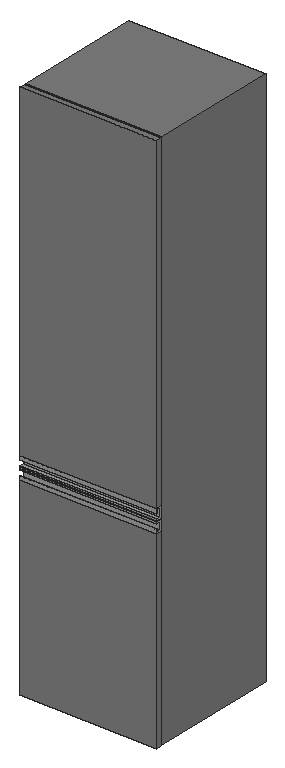
Revit family "Life Cabinet_", category Casework, Revit 2012
Parameters (values of type "2000-4001")
  URL = "www.korpinen.com"
  Top Height [instance] = 1760 mm
  Model = "2000-4001 Life Cabinet"
  Manufacturer = "Korpinen Oy"
  Depth = 0 mm
  Height = 0 mm
  Width = 0 mm
  Cabinet Type = Life - Cabinet : 2000-4001
Types (3, lengths in mm): name | Model | Cabinet Type
  (no name) | "2000-4001 Life Cabinet" | Life - Cabinet : 2000-4001
  2000-4001 | "2000-4001 Life Cabinet" | Life - Cabinet : 2000-4001
  2000-4002 | "2000-4002 Life Cabinet" | Life - Cabinet : 2000-4002
Reference planes
  plane 1 "Back": y = 0
  plane 2: z = 0
  plane 3 "Center (Left/Right)": x = 44.7
Dimensions and locks
  aligned and locked: level to plane 2
Nested families
  nested 1: "Life - Cabinet" at (0, 0, 0), Top Height from Floor <- "Top Height", type <- "Cabinet Type", type "2000-4001"
Definition of nested family "Life - Cabinet"
  Parameters (values of type "2000-4002")
    v = not(o)  # yes
    o = no
    Material = Glossy Grey
    Top Height from Floor [instance] = 1760 mm
    Handle Material = Anodized Aluminum
    Depth = 400 mm
    Height = 1600 mm
    Width = 400 mm
  Types (2, lengths in mm): name | v | o
    2000-4001 | no | yes
    2000-4002 | yes | no
  Reference planes
    plane 1 "Back": y = 0
    plane 2: z = 0
    plane 3 "Center (Left/Right)": x = 44.7
    plane 4 "Front": y = -400
    plane 5 "Left": x = -155.3
    plane 6 "Right": x = 244.7
    plane 7: z = 160
    plane 8: x = 246.7
    plane 9: x = -157.3
    plane 10: z = 1760
    plane 11: z = 0
  Forms (mm)
    Extrusion 1, solid, material "Glossy Grey" <- "Material"
      sketch origin (0, -400, 0) x (1, 0, 0) y (0, 0, 1)
        loop
          line (-155.3, 1760) -> (-155.3, 160) -> (244.7, 160) -> (244.7, 1760) -> (-155.3, 1760)
        loop
          line (228.7, 1744) -> (-139.3, 1744) -> (-139.3, 760) -> (228.7, 760) -> (228.7, 1744)
        loop
          line (228.7, 176) -> (228.7, 744) -> (-139.3, 744) -> (-139.3, 176) -> (228.7, 176)
      from -20 to -400
    Extrusion 2, solid, material "Glossy Grey" <- "Material"
      sketch origin (44.7, 0, 0) x (0, 1, 0) y (0, 0, 1)
        loop
          line (-384, 160) -> (-384, 725) -> (-400, 725) -> (-400, 160) -> (-384, 160)
      from -200 to 200
    Extrusion 3, solid, material "Glossy Grey" <- "Material"
      sketch origin (44.7, 0, 300) x (0, 1, 0) y (0, 0, 1)
        loop
          line (-384, 490) -> (-384, 1460) -> (-400, 1460) -> (-400, 490) -> (-384, 490)
      from -200 to 200
    Extrusion 4, solid, material "Anodized Aluminum" <- "Handle Material"
      sketch origin (44.7, 0, -850) x (0, 1, 0) y (0, 0, 1)
        loop
          line (-384, 1575) -> (-384, 1605) -> (-400, 1605) -> (-400, 1602) -> (-386.968, 1602) -> (-386.968, 1579) -> (-398, 1579) -> (-398, 1587) -> (-400, 1587) -> (-400, 1575) -> (-384, 1575)
      from -200 to 200
    Extrusion 5, solid, material "Anodized Aluminum" <- "Handle Material"
      sketch origin (44.7, 0, 2165) x (0, 1, 0) y (0, 0, 1)
        loop
          line (-384, -1375) -> (-400, -1375) -> (-400, -1387) -> (-398, -1387) -> (-398, -1379) -> (-386.968, -1379) -> (-386.968, -1402) -> (-400, -1402) -> (-400, -1405) -> (-384, -1405) -> (-384, -1375)
      from -200 to 200
  Lines and regions (mm)
    model lines, style "InvisibleLines"
      curve 1: line (-155.3, 0, 0) -> (244.7, 0, 0)
    symbolic lines, style "CaseworkHiddenLines", visible <- "o", detail levels fine
      curve 2: line (244.7, -400, 0) -> (-98.167, -606.015, 0)
      curve 3: arc (-155.3, -400, 0) -> (-140.752, -506.895, 0) -> (-98.167, -606.015, 0) r 400
    symbolic lines, style "CaseworkHiddenLines", visible <- "v", detail levels fine
      curve 4: line (-155.3, -400, 0) -> (187.567, -606.015, 0)
      curve 5: arc (244.7, -400, 0) -> (230.153, -506.895, 0) -> (187.567, -606.015, 0) r 400
  Dimensions and locks
    "Width": plane 6 "Right" to plane 5 "Left"
    equal spacing: plane 6 "Right", plane 3 "Center (Left/Right)", plane 5 "Left"
    "Depth": plane 4 "Front" to plane 1 "Back"
    locked: plane 4 "Front" to Extrusion 1 at 20
    locked: plane 8 to plane 6 "Right" at 2
    locked: plane 5 "Left" to plane 9 at 2
    "Top Height from Floor": plane 10 to level
    "Height": plane 7 to plane 10
    aligned and locked: level to plane 2
    aligned and locked: Extrusion 1 to plane 1 "Back"
    aligned and locked: Extrusion 4 to plane 5 "Left"
    aligned and locked: plane 6 "Right" to Extrusion 4
    aligned and locked: Extrusion 3 to plane 5 "Left"
    aligned and locked: plane 6 "Right" to Extrusion 3
    aligned and locked: plane 6 "Right" to Extrusion 2
    aligned and locked: Extrusion 2 to plane 5 "Left"
    aligned and locked: plane 11 to level
    aligned and locked: Extrusion 3 to Extrusion 5
  Automatic sketch dimensions
    curve 1 to level = 0 mm
    curve 1 to plane 5 "Left" = 0 mm
    curve 1 to plane 6 "Right" = 0 mm
    plane 4 "Front" to curve 3 = 0 mm
    curve 3 to plane 5 "Left" = 0 mm
    plane 4 "Front" to curve 5 = 0 mm
    curve 5 to plane 5 "Left" = 0 mm
    curve 5 to plane 6 "Right" = 0 mm
    curve 3 to plane 6 "Right" = 0 mm
    plane 5 "Left" to curve 3 = 57.133 mm
    curve 5 to plane 6 "Right" = 57.133 mm
    Extrusion 1 sketch curve to plane 5 "Left" = 0 mm
    Extrusion 1 sketch curve to plane 6 "Right" = 0 mm
    Extrusion 1 sketch curve to plane 7 = 0 mm
    Extrusion 1 sketch curve to plane 10 = 0 mm
    plane 5 "Left" to Extrusion 1 sketch curve = 16 mm  (x2)
    Extrusion 1 sketch curve to plane 6 "Right" = 16 mm  (x2)
    plane 7 to Extrusion 1 sketch curve = 16 mm
    Extrusion 1 sketch curve to Extrusion 1 sketch curve = 568 mm
    Extrusion 1 sketch curve to Extrusion 1 sketch curve = 16 mm
    plane 10 to Extrusion 1 sketch curve = 16 mm
    Extrusion 2 sketch curve to plane 4 "Front" = 0 mm
    Extrusion 2 sketch curve to plane 7 = 0 mm
    Extrusion 2 sketch curve to Extrusion 2 sketch curve = 16 mm
    plane 7 to Extrusion 2 sketch curve = 565 mm
    Extrusion 3 sketch curve to plane 4 "Front" = 0 mm
    plane 10 to Extrusion 3 sketch curve = 0 mm
    Extrusion 3 sketch curve to Extrusion 3 sketch curve = 16 mm
    plane 7 to Extrusion 3 sketch curve = 630 mm
    Extrusion 4 sketch curve to plane 4 "Front" = 0 mm  (x2)
    Extrusion 4 sketch curve to plane 4 "Front" = 2 mm
    Extrusion 4 sketch curve to Extrusion 4 sketch curve = 13.032 mm
    Extrusion 4 sketch curve to Extrusion 4 sketch curve = 2.968 mm
    plane 7 to Extrusion 4 sketch curve = 565 mm
    Extrusion 4 sketch curve to Extrusion 4 sketch curve = 4 mm
    Extrusion 4 sketch curve to Extrusion 4 sketch curve = 8 mm
    Extrusion 4 sketch curve to Extrusion 4 sketch curve = 15 mm
    Extrusion 4 sketch curve to Extrusion 4 sketch curve = 3 mm
    Extrusion 5 sketch curve to plane 4 "Front" = 0 mm  (x2)
    plane 4 "Front" to Extrusion 5 sketch curve = 2 mm
    plane 4 "Front" to Extrusion 5 sketch curve = 13.032 mm
    Extrusion 5 sketch curve to Extrusion 5 sketch curve = 2.968 mm
    Extrusion 5 sketch curve to plane 7 = 630 mm
    Extrusion 5 sketch curve to Extrusion 5 sketch curve = 4 mm
    Extrusion 5 sketch curve to Extrusion 5 sketch curve = 8 mm
    Extrusion 5 sketch curve to Extrusion 5 sketch curve = 15 mm
    Extrusion 5 sketch curve to Extrusion 5 sketch curve = 3 mm
